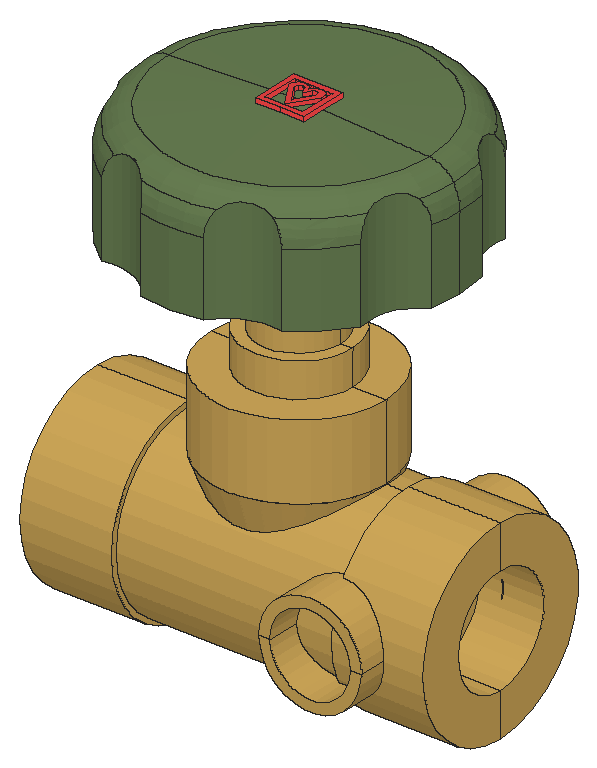
Revit family "Absperrventil 4215 AW IG-IG", category Rohrzubehör, Revit 2021
Family settings
  Bemaßung runder Anschluss = Durchmesser verwenden
  Teiletyp = Unterbricht
  OmniClass-Nummer = 23.65.55.14
  OmniClass-Titel = Valves for Liquid Services
  Arbeitsebenenbasiert = Nein
  Immer vertikal = Ja
  Beim Laden mit Abzugskörper schneiden = Nein
  Gemeinsam genutzt = Nein
Parameters
  Vorgabe-Ansicht = 0 mm
  URL = "www.herz-armaturen.at"
  T02 = 8.5 mm  # constant formula
  T01 [instance] = size_lookup("4215AW_", "T1", 17.5 mm, Nennweite)  # 23 mm
  R09 [instance] = R08 - 2 mm  # 7.5 mm
  O-Ringe = "EPDM"  # constant formula
  SC_NennweiteBerechnet = 0
  SC_Dimension = ""
  SCTWSEQ = "FW;SBT_TYP_FW=\"106\";2"
  SCTWCODE = "04;01;02"  # constant formula
  S03 = 60 mm  # constant formula
  S02 [instance] = H01 + H02 + H03  # 53.5 mm
  S01 [instance] = R01 * 2  # 36 mm
  R08 [instance] = size_lookup("4215AW_", "R8", 9.5 mm, Nennweite)  # 9.5 mm
  R07 = 3 mm  # constant formula
  R06 [instance] = size_lookup("4215AW_", "R6", 7.8 mm, Nennweite)  # 7.8 mm
  R05 [instance] = size_lookup("4215AW_", "R5", 10.1 mm, Nennweite)  # 10.1 mm
  R04 [instance] = size_lookup("4215AW_", "R4", 13.5 mm, Nennweite)  # 16.3 mm
  R03 [instance] = size_lookup("4215AW_", "R3", 15 mm, Nennweite)  # 17 mm
  R02 [instance] = Nennweite / 2  # 10 mm
  R01 [instance] = size_lookup("4215AW_", "R1", 16 mm, Nennweite)  # 18 mm
  Nennweite [instance] = 20 mm
  Min. Durchfluss bei Dp 10 kPa [instance] = if(Nennweite = 15 mm, 0.2, if(Nennweite = 20 mm, 0.4, if(Nennweite = 25 mm, 0.7, if(Nennweite = 32 mm, 1.2, if(Nennweite = 40 mm, 1.6, if(Nennweite = 50 mm, 2.7, 0))))))  # 0.4
  Medium = "Trinkwasser"  # constant formula
  Max. Differenzdruck auf geschlossenen Sitz = 1000000.0 Pa  # constant formula
  Max. Betriebstemperatur = 90 °C  # constant formula
  Max. Betriebsdruck = 1000000.0 Pa  # constant formula
  L03 [instance] = size_lookup("4215AW_", "L3", 15.5 mm, Nennweite)  # 19 mm
  L02 = 12 mm  # constant formula
  L01 [instance] = size_lookup("4215AW_", "L1", 16 mm, Nennweite)  # 17 mm
  L00 [instance] = size_lookup("4215AW_", "L", 65 mm, Nennweite)  # 75 mm
  Hinweis = "Gemäß Art 33 der REACH-Verordnung (EG Nr. 1907/2006) sind wir verpflichtet, darauf hinzuweisen, dass der Stoff Blei auf der SVHC-Liste geführt wird und dass alle aus Messing bestehenden Bauteile, die in unseren Erzeugnissen verarbeitet sind, mehr als 0,1 % (w/w) Blei (CAS: 7439-92-1 / EINECS: 231-100-4) enthalten.\r\nDa Blei als Legierungsbestandteil fest gebunden ist, sind keine Expositionen zu erwarten und daher sind keine zusätzlichen Angaben zur sicheren Verwendung notwendig."
  Hersteller = "HERZ Armaturen Ges.m.b.H."  # constant formula
  Handrad = "Kunstsoff, grün"  # constant formula
  H04 = 21 mm  # constant formula
  H03 [instance] = size_lookup("4215AW_", "H3", 14.6 mm, Nennweite)  # 16.1 mm
  H02 [instance] = size_lookup("4215AW_", "H2", 5.4 mm, Nennweite)  # 6.4 mm
  H01 [instance] = size_lookup("4215AW_", "H1", 26 mm, Nennweite)  # 31 mm
  H00 [instance] = H01 + H02 + H03  # 53.5 mm
  Gehäuse = "entzinkungsbeständiges Messing nach EN1982"  # constant formula
  Bestellnummer [instance] = size_lookup("4215AW_", "Artnr", 0, Nennweite)  # 2421532
  Anwendungsgebiet = "Zum Absperren von Trinkwasserleitungen und -anlagen in Gebäuden"
Reference planes
  plane 1 "Mitte (Vorne/hinten)": y = 0
  plane 2: z = 0
  plane 3 "Mitte (Links/rechts)": x = 0
Forms (mm)
  Revolve 1, solid, material "Messing, weicher Gelbton, geschweißt", detail levels fine
    sketch origin (470, 0, 0) x (1, 0, 0) y (0, 0, 1)
      loop
        line (-507.5, 10) -> (-495.5, 10) -> (-495.5, 0) -> (-444.5, 0) -> (-444.5, 10) -> (-432.5, 10) -> (-432.5, 18) -> (-449.5, 18) -> (-449.5, 17) -> (-490.5, 17) -> (-490.5, 18) -> (-507.5, 18) -> (-507.5, 10)
      axis (-507.5, 0) -> (-432.5, 0)
    angle from 0 to 360
  Revolve 2, solid, material "Messing, weicher Gelbton, geschweißt", detail levels fine
    sketch origin (0, 0, 0) x (1, 0, 0) y (0, 0, 1)
      loop
        line (0, 0) -> (0, 53.5) -> (-7.8, 53.5) -> (-7.8, 37.4) -> (-10.1, 37.4) -> (-10.1, 31) -> (-16.3, 31) -> (-16.3, 17) -> (-10, 0) -> (0, 0)
      axis (0, 53.5) -> (0, 0)
    angle from 0 to 360
  Revolve 3, solid, material "Messing, weicher Gelbton, geschweißt", detail levels fine
    sketch origin (0, 0, 0) x (1, 0, 0) y (0, 1, 0)
      loop
        line (20.5, -14.5) -> (28, -14.5) -> (28, -23) -> (30, -23) -> (30, -10) -> (23.5, -10) -> (23.5, 10) -> (30, 10) -> (30, 23) -> (20.5, 23) -> (20.5, -14.5)
      axis (20.5, 23) -> (20.5, -23)
    angle from 0 to 360
Lines and regions (mm)
  model lines, detail levels coarse+medium
    curve 1: line (-37.5, 0, 18) -> (-37.5, 0, -18)
    curve 2: line (-37.5, 0, -18) -> (37.5, 0, 18)
    curve 3: line (37.5, 0, 18) -> (37.5, 0, -18)
    curve 4: line (37.5, 0, -18) -> (-37.5, 0, 18)
    curve 5: line (0, 0, 0) -> (0, 0, 53.5)
    curve 6: line (-30, 0, 53.5) -> (30, 0, 53.5)
    curve 7: line (-37.5, -18, 0) -> (-37.5, 18, 0)
    curve 8: line (-37.5, 18, 0) -> (37.5, -18, 0)
    curve 9: line (37.5, -18, 0) -> (37.5, 18, 0)
    curve 10: line (37.5, 18, 0) -> (-37.5, -18, 0)
    curve 11: line (0, 0, 0) -> (0, 53.5, 0)
    curve 12: line (30, 53.5, 0) -> (-30, 53.5, 0)
Dimensions and locks
  "L00": Revolve 1 sketch curve to Revolve 1 sketch curve
  equal spacing: Revolve 1 sketch curve, plane 3 "Mitte (Links/rechts)", Revolve 1 sketch curve
  "R01": Revolve 1 sketch curve to Revolve 1 sketch curve  (x2)
  "R02": Revolve 1 sketch curve to Revolve 1 sketch curve  (x2)
  "L01": Revolve 1 sketch curve to Revolve 1 sketch curve  (x2)
  "L02": Revolve 1 sketch curve to Revolve 1 sketch curve  (x2)
  "R03": Revolve 1 sketch curve to Revolve 1 sketch curve
  "R03": Revolve 2 sketch curve to Revolve 2 sketch curve
  "R02": Revolve 2 sketch curve to Revolve 2 sketch curve
  "R04": Revolve 2 sketch curve to Revolve 2 sketch curve
  "R05": Revolve 2 sketch curve to Revolve 2 sketch curve
  "R06": Revolve 2 sketch curve to Revolve 2 sketch curve
  "H01": Revolve 2 sketch curve to plane 2
  "T01": Revolve 3 sketch curve to plane 1 "Mitte (Vorne/hinten)" to Revolve 3 sketch curve
  "R02": Revolve 3 sketch curve to plane 1 "Mitte (Vorne/hinten)"
  "R02": plane 1 "Mitte (Vorne/hinten)" to Revolve 3 sketch curve
  "R07": Revolve 3 sketch curve to Revolve 3 sketch curve
  "H02": Revolve 2 sketch curve to Revolve 2 sketch curve
  "H03": Revolve 2 sketch curve to Revolve 2 sketch curve
  "H00": nested 1 to plane 2
  "H04": nested 2 to Revolve 2
  equal spacing: curve 4, plane 2, curve 2
  "S01": curve 4 to curve 2
  equal spacing: curve 3, plane 2, curve 4
  "S01": curve 3 to curve 4
  equal spacing: curve 1, plane 3 "Mitte (Links/rechts)", curve 3
  "L00": curve 1 to curve 3
  "S02": curve 5 to plane 2
  equal spacing: curve 6, curve 5, curve 6
  "S03": curve 6 to curve 6
  equal spacing: curve 10, plane 1 "Mitte (Vorne/hinten)", curve 8
  "S01": curve 8 to curve 10
  equal spacing: curve 9, plane 1 "Mitte (Vorne/hinten)", curve 10
  "S01": curve 10 to curve 9
  equal spacing: curve 7, plane 3 "Mitte (Links/rechts)", curve 9
  "L00": curve 7 to curve 9
  "S02": plane 1 "Mitte (Vorne/hinten)" to curve 11
  equal spacing: curve 12, curve 11, curve 12
  "S03": curve 12 to curve 12
  "T02": Revolve 3 sketch curve to Revolve 3 sketch curve
  "R08": Revolve 3 sketch curve to Revolve 3 sketch curve
  "R03": Revolve 3 sketch curve to Revolve 1
  "R09": Revolve 3 sketch curve to Revolve 3 sketch curve
  aligned and locked: level to plane 2
Automatic sketch dimensions
  curve 5 to level = 0 mm
  curve 11 to plane 3 "Mitte (Links/rechts)" = 0 mm
  Revolve 1 sketch curve to level = 0 mm  (x2)
  Revolve 1 sketch curve to Revolve 1 sketch curve = 791.99 mm
  Revolve 1 sketch curve to Revolve 1 sketch curve = 2278.983 mm
  Revolve 2 sketch curve to level = 0 mm
  Revolve 2 sketch curve to plane 3 "Mitte (Links/rechts)" = 0 mm  (x2)
  Revolve 2 sketch curve to Revolve 2 sketch curve = 366.045 mm
  Revolve 2 sketch curve to Revolve 2 sketch curve = 2165.278 mm
  Revolve 3 sketch curve to Revolve 3 sketch curve = 0 mm  (x2)
  Revolve 3 sketch curve to Revolve 3 sketch curve = 6.5 mm
  Revolve 3 sketch curve to Revolve 3 sketch curve = 3.768 mm
Nested families
  nested 1: "Strömax-Handrad (Grün)" at (0, 0, 53.5), type "Strömax-Handrad (Grün)", detail levels fine
    with Nennweite 0 mm, Gewicht 0.00 kg, Bestellnummer 0
  nested 2: "Herz-Logo" at (0, 0, 74.5), type "Herz-Logo", detail levels fine
Connectors
  piping at (-25.5, 0, 0), diameter 20, driven by "Nennweite"
    settings: on Revolve 1, index 1, connector inside diameter 609.6 mm, connector length 0 mm, flow factor 0, pipe flow 0.0 L/s, pressure drop 0.0 Pa, fitting loss kfactor 0, connector angle 0.00°, fixture units 0, engagement length 0 mm, angle of deflection 0.00°, flow configuration 0, flow direction 1, fitting loss method 0, system type 29, joint type 0, gender type 0, connector reference index -1, connector utility 0, adjustable connector no, is connector primary yes, connector description ""
  piping at (25.5, 0, 0), diameter 20, driven by "Nennweite"
    settings: on Revolve 1, index 2, connector inside diameter 609.6 mm, connector length 0 mm, flow factor 0, pipe flow 0.0 L/s, pressure drop 0.0 Pa, fitting loss kfactor 0, connector angle 0.00°, fixture units 0, engagement length 0 mm, angle of deflection 0.00°, flow configuration 0, flow direction 2, fitting loss method 0, system type 29, joint type 0, gender type 0, connector reference index -1, connector utility 0, adjustable connector no, is connector primary no, connector description ""
Definition of nested family "Strömax-Handrad (Grün)"
  Parameters (values of type "Strömax-Handrad (Grün)")
    Default Elevation = 0 mm
    URL = "www.herz-armaturen.at"
    Nennweite [instance] = 0 mm
    Manufacturer = "Herz Armaturen GmbH"  # constant formula
    Gewicht [instance] = 0.00 kg
    Bestellnummer [instance] = 0
  Reference planes
    plane 1 "Mitte (Vorne/hinten)": y = 0
    plane 2: z = 0
    plane 3 "Mitte (Links/rechts)": x = 0
  Forms (mm)
    Revolve 1, solid
      sketch origin (0, 0, 0) x (1, 0, 0) y (0, 0, 1)
        loop
          line (0, 0) -> (0, 22)
          arc (0, 22) -> (-12.15, 21.705) -> (-24.271, 20.819) r 250
          arc (-24.271, 20.819) -> (-26.831, 19.959) -> (-28.754, 18.063) r 6
          arc (-28.754, 18.063) -> (-29.682, 16.008) -> (-30, 13.776) r 8
          line (-30, 13.776) -> (-30, 0) -> (0, 0)
        axis (0, 22) -> (0, 0)
      angle from 0 to 360
    Extrusion 2, void
      sketch origin (0, 0, 0) x (1, 0, 0) y (0, 1, 0)
        loop
          circle (14.351, -34.645) r 10
      from 0 to 22
    Extrusion 3, void
      sketch origin (0, 0, 0) x (-1, 0, 0) y (0, -1, 0)
        loop
          circle (14.351, 34.645) r 10
      from 0 to 22
    Extrusion 4, void
      sketch origin (0, 0, 0) x (0, -1, 0) y (1, 0, 0)
        loop
          circle (14.351, 34.645) r 10
      from 0 to 22
    Extrusion 5, void
      sketch origin (0, 0, 0) x (0, 1, 0) y (-1, 0, 0)
        loop
          circle (14.351, -34.645) r 10
      from 0 to 22
    Extrusion 6, void
      sketch origin (0, 0, 0) x (0, -1, 0) y (1, 0, 0)
        loop
          circle (14.351, -34.645) r 10
      from 0 to 22
    Extrusion 7, void
      sketch origin (0, 0, 0) x (0, 1, 0) y (-1, 0, 0)
        loop
          circle (14.351, 34.645) r 10
      from 0 to 22
    Extrusion 8, void
      sketch origin (0, 0, 0) x (1, 0, 0) y (0, 1, 0)
        loop
          circle (14.351, 34.645) r 10
      from 0 to 22
    Extrusion 9, void
      sketch origin (0, 0, 0) x (-1, 0, 0) y (0, -1, 0)
        loop
          circle (14.351, -34.645) r 10
      from 0 to 22
  Cuts and joins
    Extrusion 2, Extrusion 3, Extrusion 4, Extrusion 5, Extrusion 6, Extrusion 7, Extrusion 8, Extrusion 9 cuts Revolve 1
  Dimensions and locks
    aligned and locked: level to plane 2
Definition of nested family "Herz-Logo"
  Parameters (values of type "Herz-Logo")
    Default Elevation = 0 mm
  Reference planes
    plane 1 "Mitte (Vorne/hinten)": y = 0
    plane 2: z = 0
    plane 3 "Mitte (Links/rechts)": x = 0
  Forms (mm)
    Extrusion 1, solid
      sketch origin (0, 0, 0) x (1, 0, 0) y (0, 1, 0)
        loop
          line (-0.018, -4.517) -> (4.482, -4.517) -> (4.482, 4.483) -> (-4.518, 4.483) -> (-4.518, -4.517) -> (-0.018, -4.517)
        loop
          line (-0.05, -3.48) -> (3.482, -3.48) -> (3.482, 3.483) -> (-3.518, 3.483) -> (-3.518, -3.48) -> (-0.05, -3.48)
        loop
          arc (-0.018, 2.383) -> (-1.543, 3.287) -> (-3.067, 2.383) r 1.738
          arc (-3.067, 2.383) -> (-3.191, 1.899) -> (-3.067, 1.415) r 1.009
          line (-3.067, 1.415) -> (-0.018, -3.281) -> (3.032, 1.415)
          arc (3.032, 1.415) -> (3.156, 1.899) -> (3.032, 2.383) r 1.009
          arc (3.032, 2.383) -> (1.507, 3.287) -> (-0.018, 2.383) r 1.738
        loop
          arc (1.885, 1.272) -> (2.005, 1.675) -> (1.885, 2.079) r 0.74
          arc (1.885, 2.079) -> (1.265, 2.416) -> (0.644, 2.079) r 0.74
          line (0.644, 2.079) -> (-0.018, 0.97) -> (-0.679, 2.079)
          arc (-0.679, 2.079) -> (-1.3, 2.416) -> (-1.921, 2.079) r 0.74
          arc (-1.921, 2.079) -> (-2.04, 1.675) -> (-1.921, 1.272) r 0.74
          line (-1.921, 1.272) -> (-0.018, -1.658) -> (1.885, 1.272)
      from 0 to 1.5
  Dimensions and locks
    aligned and locked: level to plane 2
